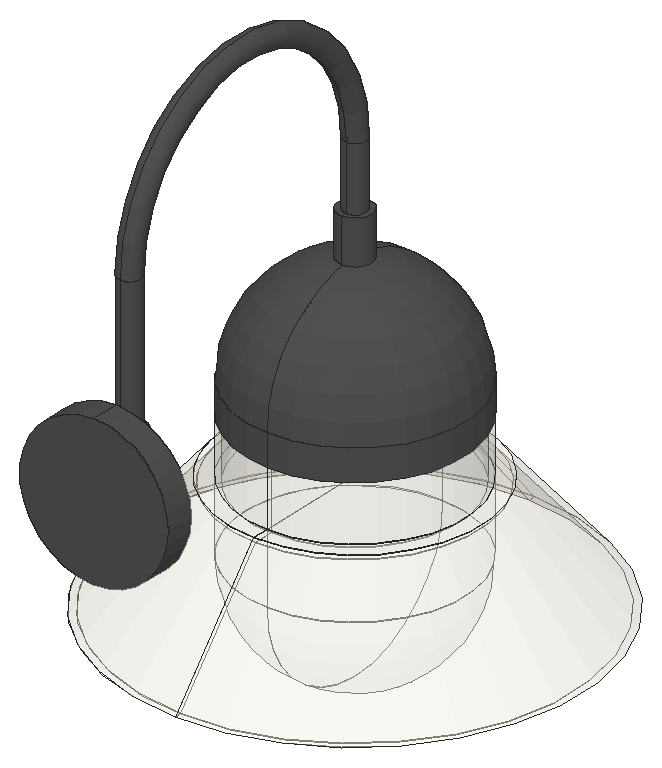
Revit family "cf9b4eec3fc34db7b44138508ec091a5", category Lighting Fixtures, host Wall, Revit 2021
Family settings
  Host = Wall
  Round Connector Dimension = Use Diameter
  Part Type = Normal
  OmniClass Number = 23.80.70.11.11
  OmniClass Title = General Luminaries, Non Directional
  Seek Item ID = Wall Lamp - Bracket-0000-USA-ENU
  Always vertical = Yes
  Cut with Voids When Loaded = No
  Light Source = Yes
  Shared = No
  Room Calculation Point = No
Parameters (values of type "150W - 277V")
  Wattage = 150 W
  built-in parameter 1150110 = 1 (stored number, unit not read)
  built-in parameter 1114217 = 1 (stored number, unit not read)
  built-in parameter 1150109 = 1 (stored number, unit not read)
  built-in parameter 1150134 = 4
  built-in parameter 1150113 = 1 (stored number, unit not read)
  built-in parameter 1150115 = 1 (stored number, unit not read)
  built-in parameter 1150105 = 221.19 (stored number, unit not read)
  Load Classification = Lighting - Dwelling Unit
  Light Source Symbol Size = 2' - 0"
  built-in parameter 1150137 = 1
  built-in parameter 1150139 = (empty or 0)
  built-in parameter 1150112 = 1 (stored number, unit not read)
  built-in parameter 1150114 = 1 (stored number, unit not read)
  Lamp = "A-21"
  built-in parameter 1150132 = (empty or 0)
  built-in parameter 1150102 = (empty or 0)
  built-in parameter 1150138 = (empty or 0)
  built-in parameter 1150107 = 2800 (stored number, unit not read)
  built-in parameter 1150106 = 2.2119 (stored number, unit not read)
  built-in parameter 1150104 = 1.7215 (stored number, unit not read)
  Dimming Lamp Color Temperature Shift = <None>
  Default Elevation = 0' - 0"
  Color Filter = 16777215
  built-in parameter 1140040 [instance] = 1
  Ballast Voltage = 277 V
  Ballast Number of Poles = 1
  built-in parameter 1114218 = 1 (stored number, unit not read)
  built-in parameter 1150133 = 10 (stored number, unit not read)
  Assembly Code = "D5020220"
  Bulb Material = Glass, White, High Luminance
  Lumens = 2779.5 lm
  Shade Material = Glass, Frosted
  Wall Mount Material = Steel, Chrome Plated
  Wattage Comments = ""
  Apparent Load = 150 VA
Types (4): name | Wattage | built-in parameter 1150105 | Lamp | built-in parameter 1150106 | built-in parameter 1150104 | Ballast Voltage | Lumens | Apparent Load
  100W - 120V | 100 W | 134.49 (stored number, unit not read) | "A-19" | 1.3449 (stored number, unit not read) | 1.5701 (stored number, unit not read) | 120 V | 1690 lm | 100 VA
  100W - 277V | 100 W | 134.49 (stored number, unit not read) | "A-19" | 1.3449 (stored number, unit not read) | 1.5701 (stored number, unit not read) | 277 V | 1690 lm | 100 VA
  150W - 120V | 150 W | 221.19 (stored number, unit not read) | "A-21" | 2.2119 (stored number, unit not read) | 1.7215 (stored number, unit not read) | 120 V | 2779.5 lm | 150 VA
  150W - 277V | 150 W | 221.19 (stored number, unit not read) | "A-21" | 2.2119 (stored number, unit not read) | 1.7215 (stored number, unit not read) | 277 V | 2779.5 lm | 150 VA
Reference planes (in)
  plane 1: y = 0
  plane 2 "Light Source Axis": y = 10.4375
  plane 3 "Light Source Axis": x = -1.43133
  plane 4 "Light Source Elevation": z = 84
  plane 5: y = 15.5625
  plane 6: y = 5.3125
  plane 7: z = 98.5
  plane 8: y = 3
  plane 9: z = 91.25
  plane 10: z = 88.45234
  plane 11: y = 4.00156
  plane 12: z = 85.41434
  plane 13: z = 86.5
  plane 14: z = 87.96831
  plane 15: z = 88.09331
  plane 16: z = 89.36328
  plane 17: z = 92.58075
  plane 18: z = 93.56791
  plane 19: z = 95.0301
  plane 20: y = 3.63935
  plane 21: y = 4.00156
  plane 22: z = 90.83102
Forms (in)
  Sweep 1, solid, material "Steel, Chrome Plated" <- "Wall Mount Material"
    path origin (-1.43133, 0, 0) x (0, -1, 0) y (0, 0, 1)
      loop
        line (-4.00156, 91.25) -> (-4.00156, 95.0301)
        arc (-4.00156, 95.0301) -> (-7.21953, 98.24807) -> (-10.4375, 95.0301) r 3.21797
        line (-10.4375, 95.0301) -> (-10.4375, 93.56791)
    profile origin (-1.43133, 7.21953, 0) x (0, 0, -1) y (-1, 0, 0)
      loop
        circle (-98.24807, 0) r 0.25
  Revolve 2, solid, material "Steel, Chrome Plated" <- "Wall Mount Material"
    sketch origin (-1.43133, 0, 0) x (0, -1, 0) y (0, 0, 1)
      loop
        line (-4.00156, 91.91438) -> (-4.00156, 90.46881)
        arc (-4.00156, 90.46881) -> (-3.74543, 90.5749) -> (-3.63935, 90.83102) r 0.36221
        line (-3.63935, 90.83102) -> (-3.63935, 91.91438) -> (-4.00156, 91.91438)
      axis (-4.00156, 91.91438) -> (-4.00156, 90.46881)
    angle from 0 to 360
  Revolve 3, solid, material "Steel, Chrome Plated" <- "Wall Mount Material"
    sketch origin (-1.43133, 0, 0) x (0, -1, 0) y (0, 0, 1)
      loop
        line (-10.0625, 93.56791) -> (-10.4375, 93.56791) -> (-10.4375, 92.58075) -> (-10.0625, 92.58075) -> (-10.0625, 93.56791)
      axis (-10.4375, 92.58075) -> (-10.4375, 93.56791)
    angle from 0 to 360
  Revolve 4, solid, material "Steel, Chrome Plated" <- "Wall Mount Material"
    sketch origin (-1.43133, 0, 0) x (0, -1, 0) y (0, 0, 1)
      loop
        arc (-7.9375, 90.07015) -> (-8.66973, 91.83792) -> (-10.4375, 92.57015) r 2.5
        line (-10.4375, 92.57015) -> (-10.4375, 89.36328) -> (-7.9375, 89.36328) -> (-7.9375, 90.07015)
      axis (-10.4375, 89.36328) -> (-10.4375, 92.57015)
    angle from 0 to 360
  Revolve 5, solid, material "Glass, Frosted" <- "Shade Material"
    sketch origin (-1.43133, 0, 0) x (0, -1, 0) y (0, 0, 1)
      loop
        line (-7.9375, 89.36328) -> (-8.0625, 89.36328) -> (-8.0625, 87.96831) -> (-7.61252, 87.96831) -> (-5.47549, 85.41434) -> (-5.3125, 85.41434) -> (-7.55413, 88.09331) -> (-7.9375, 88.09331) -> (-7.9375, 89.36328)
      axis (-10.4375, 85.41434) -> (-10.4375, 89.36328)
    angle from 0 to 360
  Revolve 6, solid, material "Glass, White, High Luminance" <- "Bulb Material"
    sketch origin (-1.43133, 0, 0) x (0, -1, 0) y (0, 0, 1)
      loop
        line (-7.9375, 88.09331) -> (-10.4375, 88.09331) -> (-10.4375, 84)
        arc (-10.4375, 84) -> (-8.66973, 84.73223) -> (-7.9375, 86.5) r 2.5
        line (-7.9375, 86.5) -> (-7.9375, 88.09331)
      axis (-10.4375, 84) -> (-10.4375, 88.09331)
    angle from 0 to 360
  Extrusion 7, solid, material "Steel, Chrome Plated" <- "Wall Mount Material"
    sketch origin (0, 3, 0) x (0, 0, 1) y (-1, 0, 0)
      loop
        circle (90.83102, 1.43133) r 1.69337
    from 0 to -0.63935
Cuts and joins
  joined: Sweep 1, Revolve 2
Lines and regions (in)
  symbolic lines
    curve 1: arc (3.69367, 10.4375, 85.41434) -> (-1.43133, 15.5625, 85.41434) -> (-6.55633, 10.4375, 85.41434) r 5.125
    curve 2: arc (-6.55633, 10.4375, 85.41434) -> (-1.43133, 5.3125, 85.41434) -> (3.69367, 10.4375, 85.41434) r 5.125
    curve 3: line (-3.08224, 3, 0) -> (-3.08224, 3.63935, 0)
    curve 4: line (0.26205, 3, 0) -> (0.26205, 3.63935, 0)
    curve 5: line (0.26205, 3.63935, 0) -> (-3.08224, 3.63935, 0)
    curve 6: line (-1.4101, 3.63935, 0) -> (-1.4101, 10.37249, 0)
Text (in)
  text "Placement Side" at (0, 40.15149, 123.01588), in view "Right"
  text "Placement Side" at (-45.80042, 28.46503, 0), in view "Ref. Level"
  text "Placement Side" at (0, 57.00656, 114.50661), in view "Left"
Dimensions and locks (in)
  plane 5 to plane 6 to plane 8 = 0' - 10 1/4" locked, 0' - 2 5/16" locked
  equal spacing: plane 5, plane 2 "Light Source Axis", plane 6
  equal spacing: plane 4 "Light Source Elevation", plane 9, plane 7, locked at 7.25 each
  plane 4 "Light Source Elevation" to plane 7 = 1' - 2 1/2"
  plane 6 to plane 5 = 0' - 10 1/4"
  host wall to plane 5 = 1' - 0 9/16"
  locked: plane 12 to plane 14 at 2.55398
  locked: plane 12 to plane 4 "Light Source Elevation" at 1.41434
  locked: plane 12 to plane 15 at 2.67898
  locked: plane 4 "Light Source Elevation" to plane 13 at 2.5
  locked: plane 15 to plane 16 at 1.26997
  locked: Revolve 5 sketch curve to Revolve 5 sketch curve at 0.125
  locked: plane 16 to plane 17 at 3.21748
  locked: Revolve 3 sketch curve to Revolve 3 sketch curve at 0.98716
  locked: plane 17 to plane 18 at 0.98716
  locked: plane 18 to plane 19 at 1.46218
  locked: plane 8 to plane 20 at 0.63935
  locked: plane 20 to plane 21 at 0.36221
  locked: plane 4 "Light Source Elevation" to plane 22 at 6.83102
  aligned and locked: plane 8 to host wall
  aligned and locked: Sweep 1 sketch curve to plane 9
  aligned and locked: Revolve 5 sketch curve to plane 12
  aligned and locked: Revolve 6 sketch curve to plane 15
  aligned and locked: plane 13 to Revolve 6 sketch curve
  aligned and locked: Revolve 5 sketch curve to plane 16
  aligned and locked: plane 15 to Revolve 5 sketch curve
  aligned and locked: Revolve 4 sketch curve to plane 16
  aligned and locked: plane 17 to Revolve 3 sketch curve
  aligned and locked: Sweep 1 sketch curve to plane 18
  aligned and locked: plane 19 to Sweep 1 sketch curve  (x2)
  aligned and locked: Extrusion 7 sketch curve to plane 22
  aligned and locked: Revolve 2 sketch curve to plane 22
  aligned and locked: plane 20 to Revolve 2 sketch curve
  aligned and locked: plane 21 to Revolve 2 sketch curve
  aligned and locked: Revolve 2 sketch curve to plane 21
  aligned and locked: plane 3 "Light Source Axis" to imposter light
  aligned and locked: plane 2 "Light Source Axis" to imposter light
  aligned and locked: plane 12 to imposter light
Automatic sketch dimensions
  Sweep 1 sketch curve to plane 3 "Light Source Axis" = 0' - 0"
  Sweep 1 sketch curve to profile plane = 0' - 0"
  profile plane to Sweep 1 sketch curve = 0' - 0 1/4"
  Sweep 1 sketch curve to plane 2 "Light Source Axis" = 0' - 0"
  Sweep 1 sketch curve to plane 6 = 0' - 1.31094"
  Revolve 3 sketch curve to plane 2 "Light Source Axis" = 0' - 0"  (x2)
  Revolve 3 sketch curve to Revolve 3 sketch curve = 0' - 0 3/8"
  Revolve 3 sketch curve to level = 3' - 0"
  Revolve 3 sketch curve to plane 7 = 0' - 6.26591"
  Revolve 4 sketch curve to plane 2 "Light Source Axis" = 0' - 0"  (x2)
  Revolve 4 sketch curve to Revolve 4 sketch curve = 0' - 2 1/2"
  Revolve 4 sketch curve to Revolve 4 sketch curve = 0' - 0.70687"
  Revolve 4 sketch curve to level = 3' - 0"
  Revolve 4 sketch curve to plane 7 = 0' - 6.26591"
  Revolve 5 sketch curve to plane 2 "Light Source Axis" = 0' - 0"
  Revolve 5 sketch curve to plane 6 = 0' - 0"
  plane 2 "Light Source Axis" to Revolve 5 sketch curve = 0' - 2 3/8"
  Revolve 5 sketch curve to Revolve 5 sketch curve = 0' - 0 1/8"
  Revolve 5 sketch curve to Revolve 5 sketch curve = 0' - 0.32498"
  Revolve 5 sketch curve to Revolve 5 sketch curve = 0' - 0.05839"
  Revolve 5 sketch curve to Revolve 5 sketch curve = 0' - 0.16299"
  Revolve 5 sketch curve to level = 3' - 0"
  Revolve 5 sketch curve to plane 7 = 0' - 6.26591"
  Revolve 6 sketch curve to plane 2 "Light Source Axis" = 0' - 0"  (x2)
  Revolve 6 sketch curve to Revolve 6 sketch curve = 0' - 2 1/2"
  Revolve 6 sketch curve to level = 3' - 0"
  Revolve 6 sketch curve to plane 7 = 0' - 6.26591"
  Extrusion 7 sketch curve to plane 3 "Light Source Axis" = 0' - 0"
  plane 16 to Extrusion 7 sketch curve = 0' - 0.22563"
  plane 4 "Light Source Elevation" to Revolve 2 sketch curve = 0' - 2.16902"
  Revolve 2 sketch curve to plane 9 = 0' - 0.66438"
  plane 7 to Revolve 2 sketch curve = 0' - 1.14776"
  curve 1 to plane 2 "Light Source Axis" = 0' - 0"
  curve 5 to plane 20 = 0' - 0"
  curve 3 to host wall = 0' - 0"
  curve 2 to plane 3 "Light Source Axis" = 0' - 0"
  curve 4 to host wall = 0' - 0"
  plane 3 "Light Source Axis" to curve 3 = 0' - 1.65092"
  curve 6 to plane 3 "Light Source Axis" = 0' - 0.02123"
  curve 6 to curve 5 = 0' - 1.67214"
  plane 2 "Light Source Axis" to curve 6 = 0' - 0.06501"
  plane 3 "Light Source Axis" to curve 2 = 0' - 5 1/8"
Connectors (in)
  electrical at (-1.43133, 10.4375, 85.41434), driven by "Apparent Load", driven by "Ballast Voltage", driven by "Ballast Number of Poles", driven by "Load Classification"
    settings: on Revolve 5, index 1, voltage 277 V, apparent load 0 VA, apparent load phase1 150 VA, apparent load phase2 0 VA, apparent load phase3 0 VA, power factor 0.95, load classification "Lighting - Dwelling Unit", number of poles 1, system type 31, power factor state 1, is connector primary yes, connector utility no, sub classification motor no, connector description ""
